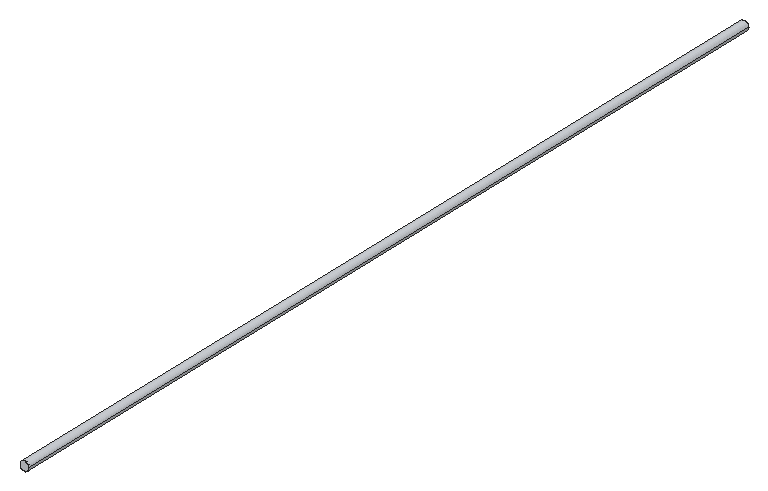
Revit family "11-1-1_Tunnel_Excavation_Tube-Spiles-WIP", category Generic Models, Revit 2020
Family settings
  Can host rebar = No
  Round Connector Dimension = Use Diameter
  Part Type = Normal
  Work Plane-Based = Yes
  Always vertical = No
  Cut with Voids When Loaded = No
  Shared = Yes
  Room Calculation Point = No
Parameters
  Length [instance] = 1.000 m
  Diameter [instance] = 0.010 m
  Default Elevation = 0.000 m
Reference planes (m)
  plane 1 "Mitte (Vorne/Hinten)": y = 0
  plane 2: z = 0
  plane 3 "Mitte (Links/Rechts)": x = 0
Forms (m)
  Extrusion 1, solid
    sketch origin (0, 0, 0) x (1, 0, 0) y (0, 0, 1)
      loop
        circle (0, 0) r 0.005
    from 0 to 1 <- "Length"
Lines and regions (m)
  model lines
    curve 1: line (0, 0, 0) -> (0, -1, 0)
Dimensions and locks (m)
  "Length": curve 1 to curve 1
  "Diameter": diameter of Extrusion 1 sketch curve
  aligned and locked: level to plane 2
Automatic sketch dimensions
  curve 1 to plane 3 "Mitte (Links/Rechts)" = 0.000 m
  plane 1 "Mitte (Vorne/Hinten)" to curve 1 = 0.000 m
  Extrusion 1 sketch curve to level = 0.000 m
  Extrusion 1 sketch curve to plane 3 "Mitte (Links/Rechts)" = 0.000 m
